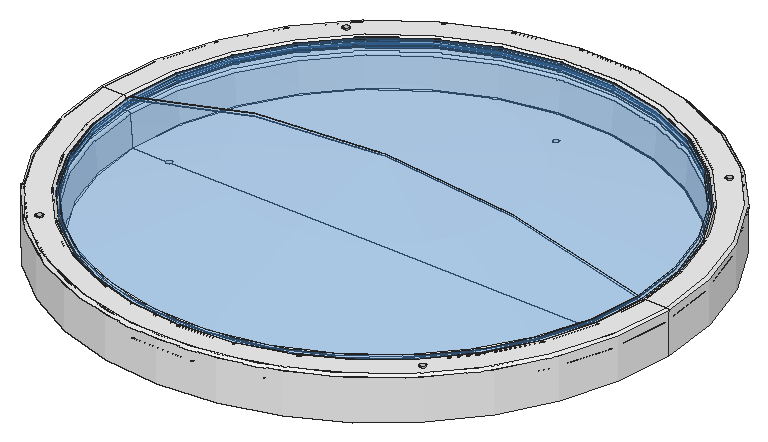
Revit family "BE_24231_de_DE", category Leuchten, Revit 2015
Parameters (values of type "BEGA_24231_Weiß_K4")
  built-in parameter 1150104 = 13.629 (stored number, unit not read)
  Wattage = 117.6 W
  Default Elevation = 0 mm
  built-in parameter 1150113 = 1 (stored number, unit not read)
  built-in parameter 1114218 = 1 (stored number, unit not read)
  Umgebungstemperatur = "25 °C"
  URL = "http://www.bega.de/produkt/24231"
  Typenkommentare = "© 2017 BEGA. Wir behalten uns das Recht vor, technische Änderungen ohne vorherige Ankündigung vorzunehmen."  # constant formula
  Type Image = 24231.png
  built-in parameter 1150134 = 12
  built-in parameter 1150109 = 1 (stored number, unit not read)
  Strom = ""
  built-in parameter 1150110 = 1 (stored number, unit not read)
  Spannung = 239.996 V
  Sonderanfertigung = no
  Seriennummer [instance] = "Hier können Sie die eindeutige Seriennummer für das Facility Management eintragen."
  Schutzklasse = "I"
  Schutzart = "IP 65"
  Scheinlast = 0 VA
  Produktdatenblatt = "http://www.bega.de/download/Xrfa/db/24231.db.de.pdf"
  Oberflächentemperatur = ""
  Neigungswinkel = 0.00°
  Modell = "24231WK4"
  Material_17 = BEGA_Reflektor
  Material_15 = BEGA_Leuchtmedium_matt
  Material_13 = BEGA_Kunststoff_matt
  Material_11 = BEGA_Glas_opal
  Material_09 = BEGA_Glas_klar
  Material_06 = BEGA_Oberfläche_Edelstahl_gebürstet
  Material_03 = BEGA_Oberfläche_Weiss_matt
  Material_02 = BEGA_Oberfläche_Silber_matt
  Material_01 [instance] = BEGA_Oberfläche_Grafit_matt
  M_W = yes
  M_G = no
  M_A = no
  Logo = 0
  built-in parameter 1114217 = 1 (stored number, unit not read)
  built-in parameter 1150139 = (empty or 0)
  built-in parameter 1150105 = 5863.4 (stored number, unit not read)
  built-in parameter 1150114 = 1 (stored number, unit not read)
  Lumens = 17251.9 lm
  built-in parameter 1150115 = 1 (stored number, unit not read)
  Leuchtenlichtstrom = "13100 lm"
  Leuchtenanzahl = ""
  Lebensdauerkriterien = "L70B50 @ 25 °C = 302000 h"
  Lastklassifizierung = Beleuchtung
  built-in parameter 1150112 = 1 (stored number, unit not read)
  Lampenlichtstrom = "17250 lm"
  Lampe = "LED 117.6 W"
  LED_Modulbezeichnung = "4x LED-0566/840 + 6x LED-0567/840             + 2x LED-0568/840"
  built-in parameter 1150142 = (empty or 0)
  Hersteller = "BEGA"  # constant formula
  Halbstreuwinkel = ""
  Gewicht = ""
  Gebrauchslageneinschränkung [instance] = ""
  Frequenz = "0/50-60 Hz"
  Farbwiedergabeindex = "Ra > 80"
  Farbtemperaturverschiebung bei Dämpfen der Lampe = <Keine Auswahl>
  Farbtemperatur = "4000 K"
  Color Filter = 16777215
  built-in parameter 1150133 = 10 (stored number, unit not read)
  Energieeffizienzklasse = "LED A++ - A"
  built-in parameter 1150137 = (empty or 0)
  built-in parameter 1150132 = (empty or 0)
  ENEC = ""
  Dimmbar [instance] = "DALI"
  Datei für fotometrisches Netz = "BE_24231K4.IES"
  CE_Konformität = "ja"
  Bestellnummer = "24231WK4"
  Beschreibung_Sonderanfertigung = "Hier können Sie Informationen zur Sonderanfertigung eintragen."
  Beschreibung = "Großflächenleuchte"
  built-in parameter 1150106 = 58.634 (stored number, unit not read)
  Befestigungsbohrung = "Ø 9,2 mm"
  Befestigungsabstand = "700 x 700 mm"
  Ballwurfsicher = ""
  BEGA_Intern_aus = yes
  BEGA_Intern_an = yes
  BEGA_Intern_Konstruktion = yes
  BEGA_Intern = yes
  BEGA_IES = yes
  BEGA_Dummy = no
  Anschlussleitung = ""
  Anschlussleistung [instance] = "133 W"
  Anschlusskasten = ""
  built-in parameter 1150107 = 4000 (stored number, unit not read)
  built-in parameter 1150102 = (empty or 0)
  built-in parameter 1150138 = (empty or 0)
  Aktualisierung = "2017-07-13T04:09:10"
  Abstand_zur_angestrahlten_Fläche [instance] = ""
  AC/DC = "AC/DC"
Types (6, lengths in mm): name | built-in parameter 1150134 | Modell | M_W | M_G | M_A | LED_Modulbezeichnung | Farbtemperatur | Datei für fotometrisches Netz | Bestellnummer | built-in parameter 1150107
  BEGA_24231_Weiß_K3 | (empty or 0) | "24231W" | yes | no | no | "4x LED-0566/830 + 6x LED-0567/830            + 2x LED-0568/830" | "3000 K" | "BE_24231.IES" | "24231W" | 3000 (stored number, unit not read)
  BEGA_24231_Grafit_K4 | 12 | "24231K4" | no | yes | no | "4x LED-0566/840 + 6x LED-0567/840             + 2x LED-0568/840" | "4000 K" | "BE_24231K4.IES" | "24231K4" | 4000 (stored number, unit not read)
  BEGA_24231_Silber_K4 | 12 | "24231AK4" | no | no | yes | "4x LED-0566/840 + 6x LED-0567/840             + 2x LED-0568/840" | "4000 K" | "BE_24231K4.IES" | "24231AK4" | 4000 (stored number, unit not read)
  BEGA_24231_Silber_K3 | (empty or 0) | "24231A" | no | no | yes | "4x LED-0566/830 + 6x LED-0567/830            + 2x LED-0568/830" | "3000 K" | "BE_24231.IES" | "24231A" | 3000 (stored number, unit not read)
  BEGA_24231_Weiß_K4 | 12 | "24231WK4" | yes | no | no | "4x LED-0566/840 + 6x LED-0567/840             + 2x LED-0568/840" | "4000 K" | "BE_24231K4.IES" | "24231WK4" | 4000 (stored number, unit not read)
  BEGA_24231_Grafit_K3 | (empty or 0) | "24231" | no | yes | no | "4x LED-0566/830 + 6x LED-0567/830            + 2x LED-0568/830" | "3000 K" | "BE_24231.IES" | "24231" | 3000 (stored number, unit not read)
Reference planes
  plane 1 "Mitte (Vorne/Hinten)": y = 0
  plane 2: z = 0
  plane 3 "Mitte (Links/Rechts)": x = 0
  plane 4 "Links": x = -464
  plane 5 "Rechts": x = 464
  plane 6 "Unten": y = -464
  plane 7 "Oben": y = 464
  plane 8 "Vorne": z = 142.441
  plane 9 "Hinten": z = 0
Forms (mm)
  Extrusion 1, solid, material "BEGA_Platte_Weiss"
    sketch origin (0, -1119.2, 0) x (1, 0, 0) y (0, 1, 0)
      loop
        line (-200, 1319.2) -> (-200, 919.2) -> (200, 919.2) -> (200, 1319.2) -> (-200, 1319.2)
    from 0 to -10
  Extrusion 2, solid, material "BEGA_Dummy_matt", visible <- "BEGA_Dummy"
    sketch origin (77.149, -76.023, 0) x (1, 0, 0) y (0, 1, 0)
      loop
        circle (-77.149, 76.023) r 464
    from 0 to 142.441
Dimensions and locks
  plane 1 "Mitte (Vorne/Hinten)" to Extrusion 1 = 200 mm
  aligned and locked: plane 2 to Extrusion 1
  aligned and locked: level to Extrusion 1
Nested families
  nested 1: "BE_24231" at (0, 0, 0), type "BE_24231"
Connectors
  electrical at (0, 0, 0), driven by "Lastklassifizierung", driven by "Spannung", driven by "Scheinlast"
    settings: index 1, voltage 239.996 V, apparent load 0 VA, apparent load phase1 0 VA, apparent load phase2 0 VA, apparent load phase3 0 VA, power factor 1, load classification "Beleuchtung", number of poles 1, system type 31, power factor state 1, is connector primary yes, connector utility no, sub classification motor no, connector description ""
Definition of nested family "BE_24231"
  Parameters (values of type "BE_24231")
    Default Elevation = 1 mm
    URL = "http://www.bega.de/de/produkt"
    Type Comments = "© 2015 BEGA. Wir behalten uns das Recht vor, technische Änderungen ohne vorherige Ankündigung vorzunehmen. "  # constant formula
    Type Image = (empty or 0)
    Neigungswinkel_um_Z2 = 0.00°
    Neigungswinkel_um_Z1 = 0.00°
    Neigungswinkel_um_Y2 = 0.00°
    Neigungswinkel_um_Y1 = 0.00°
    Neigungswinkel_um_X2 = 0.00°
    Neigungswinkel_um_X1 = 0.00°
    Material_17 = none
    Material_15 = none
    Material_13 = none
    Material_11 = none
    Material_09 = none
    Material_06 = none
    Material_03 = none
    Material_02 = none
    Material_01 = none
    M_W = yes
    M_G = yes
    M_A = yes
    Länge_Platte = 1000 mm  # constant formula
    Höhe_Platte = -10 mm  # constant formula
    Manufacturer = "BEGA"  # constant formula
    Drehwinkel_um_Z2 = 0.00°
    Drehwinkel_um_Z1 = 0.00°
    Breite_Platte = 1000 mm  # constant formula
  Reference planes
    plane 1 "Mitte (Oben/Unten)": y = 0
    plane 2: z = 0
    plane 3 "Mitte (Links/Rechts)": x = 0
    plane 4: x = -464
    plane 5: z = 142.441
    plane 6: x = 464
    plane 7: y = -464
    plane 8: y = 464
  Forms (mm)
    Extrusion 1, solid, detail levels medium
      sketch origin (0, 0, 0) x (1, 0, 0) y (0, 1, 0)
        loop
          line (-500, 500) -> (-500, -500) -> (500, -500) -> (500, 500) -> (-500, 500)
      from 0 to -10 <- "Höhe_Platte"
    Revolve 2, solid, material <- "Material_01", visible <- "M_G", detail levels medium+fine
      sketch origin (0, 0, 0) x (1, 0, 0) y (0, 0, 1)
        loop
          arc (-458.751, 58.996) -> (-457.283, 55.461) -> (-453.747, 54) r 5
          line (-453.747, 54) -> (-418.915, 54)
          arc (-418.915, 54) -> (-418.256, 53.752) -> (-417.924, 53.131) r 1
          line (-417.924, 53.131) -> (-413.858, 6.651)
          arc (-413.858, 6.651) -> (-412.578, 4.054) -> (-409.881, 3) r 4
          line (-409.881, 3) -> (0, 3) -> (0, 6) -> (-409.875, 6)
          arc (-409.875, 6) -> (-410.549, 6.263) -> (-410.869, 6.913) r 1
          line (-410.869, 6.913) -> (-414.932, 53.349)
          arc (-414.932, 53.349) -> (-416.211, 55.946) -> (-418.908, 57) r 4
          line (-418.908, 57) -> (-453.751, 57)
          arc (-453.751, 57) -> (-455.165, 57.586) -> (-455.751, 59) r 2
          line (-455.751, 59) -> (-455.751, 61)
          arc (-455.751, 61) -> (-456.044, 61.707) -> (-456.751, 62) r 1
          line (-456.751, 62) -> (-457.751, 62)
          arc (-457.751, 62) -> (-458.458, 61.707) -> (-458.751, 61) r 1
          line (-458.751, 61) -> (-458.751, 58.996)
        axis (0, 3) -> (0, 62)
      angle from 0 to 360
    Revolve 3, solid, material <- "Material_01", visible <- "M_G", detail levels medium+fine
      sketch origin (0, -350.067, 0) x (-1, 0, 0) y (0, 0, 1)
        loop
          arc (-21.172, 1.172) -> (-19.874, 0.304) -> (-18.343, 0) r 4
          line (-18.343, 0) -> (0, 0) -> (0, 3) -> (-24.657, 3)
          arc (-24.657, 3) -> (-23.134, 2.699) -> (-21.841, 1.841) r 4
          line (-21.841, 1.841) -> (-21.172, 1.172)
        axis (0, 3) -> (0, 0)
      angle from 0 to 360
    Extrusion 4, void
      sketch origin (0, -180.361, 0) x (-1, 0, 0) y (0, -1, 0)
        loop
          circle (0, 169.706) r 4.6
      from -0.618 to 9
    Revolve 5, solid, material <- "Material_01", visible <- "M_G", detail levels medium+fine
      sketch origin (0, 0, 0) x (1, 0, 0) y (0, 0, 1)
        loop
          line (-461, 9) -> (-461, 75)
          arc (-461, 75) -> (-460.707, 75.707) -> (-460, 76) r 1
          line (-460, 76) -> (-423.921, 75.988)
          arc (-423.921, 75.988) -> (-423.315, 75.651) -> (-423.074, 75) r 1
          line (-423.074, 75) -> (-423.074, 69.5) -> (-420, 69.5) -> (-420, 75) -> (-424, 79) -> (-460, 79) -> (-464, 75) -> (-464, 9) -> (-461, 9)
        axis (0, 9) -> (0, 79)
      angle from 0 to 360
    Revolve 6, solid, material <- "Material_13", detail levels medium+fine
      sketch origin (0, 0, 0) x (1, 0, 0) y (0, 0, 1)
        loop
          line (-419, 66.441) -> (-430.024, 66.441) -> (-430.024, 62.442) -> (-418.998, 62.442)
          arc (-418.998, 62.442) -> (-415.516, 63.853) -> (-414, 67.292) r 5
          line (-414, 67.292) -> (-414, 74.903)
          arc (-414, 74.903) -> (-413.805, 75.496) -> (-413.297, 75.858) r 1
          arc (-413.297, 75.858) -> (-209.004, 122.707) -> (0, 138.441) r 1395.992
          line (0, 138.441) -> (0, 142.441)
          arc (0, 142.441) -> (-209.603, 126.662) -> (-414.48, 79.68) r 1399.998
          arc (-414.48, 79.68) -> (-417.025, 77.866) -> (-418, 74.9) r 5
          line (-418, 74.9) -> (-418, 67.441)
          arc (-418, 67.441) -> (-418.293, 66.734) -> (-419, 66.441) r 1
        axis (0, 142.441) -> (0, 62.442)
      angle from 0 to 360
    Revolve 7, void
      sketch origin (0, 0, 27.13) x (1, 0, 0) y (0, 1, 0)
        loop
          line (395.264, -110.362) -> (394.151, -114.516) -> (432.099, -124.684) -> (433.212, -120.53) -> (395.264, -110.362)
        axis (395.264, -110.362) -> (433.212, -120.53)
      angle from 0 to 360
    Revolve 8, void
      sketch origin (-16.646, 23.773, 27.13) x (0.996195, 0.087156, 0) y (-0.087156, 0.996195, 0)
        loop
          line (386.442, -198.567) -> (384.625, -202.464) -> (420.231, -219.068) -> (422.048, -215.171) -> (386.442, -198.567)
        axis (386.442, -198.567) -> (422.048, -215.171)
      angle from 0 to 360
    Extrusion 9, void
      sketch origin (-89.803, 89.803, 0) x (1, 0, 0) y (0, 1, 0)
        loop
          circle (-222.739, 222.739) r 5.5
        loop
          circle (-222.739, -402.344) r 5.5
        loop
          circle (402.344, 222.739) r 5.5
        loop
          circle (402.344, -402.344) r 5.5
      from 76.289 to 83.761
    Extrusion 10, solid, material <- "Material_06", detail levels fine
      sketch origin (-89.803, 89.803, 0) x (1, 0, 0) y (0, 1, 0)
        loop
          circle (-222.739, 222.739) r 4.5
        loop
          circle (-222.739, -402.344) r 4.5
        loop
          circle (402.344, 222.739) r 4.5
        loop
          circle (402.344, -402.344) r 4.5
      from 76.289 to 80
    Revolve 11, solid, material <- "Material_01", visible <- "M_G", detail levels medium+fine
      sketch origin (-350.067, 0, 0) x (0, 1, 0) y (0, 0, 1)
        loop
          arc (-21.172, 1.172) -> (-19.874, 0.304) -> (-18.343, 0) r 4
          line (-18.343, 0) -> (0, 0) -> (0, 3) -> (-24.657, 3)
          arc (-24.657, 3) -> (-23.134, 2.699) -> (-21.841, 1.841) r 4
          line (-21.841, 1.841) -> (-21.172, 1.172)
        axis (0, 3) -> (0, 0)
      angle from 0 to 360
    Extrusion 12, void
      sketch origin (-180.361, 0, 0) x (0, 1, 0) y (-1, 0, 0)
        loop
          circle (0, 169.706) r 4.6
      from -0.618 to 9
    Revolve 13, solid, material <- "Material_01", visible <- "M_G", detail levels medium+fine
      sketch origin (350.067, 0, 0) x (0, -1, 0) y (0, 0, 1)
        loop
          arc (-21.172, 1.172) -> (-19.874, 0.304) -> (-18.343, 0) r 4
          line (-18.343, 0) -> (0, 0) -> (0, 3) -> (-24.657, 3)
          arc (-24.657, 3) -> (-23.134, 2.699) -> (-21.841, 1.841) r 4
          line (-21.841, 1.841) -> (-21.172, 1.172)
        axis (0, 3) -> (0, 0)
      angle from 0 to 360
    Extrusion 14, void
      sketch origin (180.361, 0, 0) x (0, -1, 0) y (1, 0, 0)
        loop
          circle (0, 169.706) r 4.6
      from -0.618 to 9
    Revolve 15, solid, material <- "Material_01", visible <- "M_G", detail levels medium+fine
      sketch origin (0, 350.067, 0) x (1, 0, 0) y (0, 0, 1)
        loop
          arc (-21.172, 1.172) -> (-19.874, 0.304) -> (-18.343, 0) r 4
          line (-18.343, 0) -> (0, 0) -> (0, 3) -> (-24.657, 3)
          arc (-24.657, 3) -> (-23.134, 2.699) -> (-21.841, 1.841) r 4
          line (-21.841, 1.841) -> (-21.172, 1.172)
        axis (0, 3) -> (0, 0)
      angle from 0 to 360
    Extrusion 16, void
      sketch origin (0, 180.361, 0) x (1, 0, 0) y (0, 1, 0)
        loop
          circle (0, 169.706) r 4.6
      from -0.618 to 9
    Revolve 17, solid, material <- "Material_02", visible <- "M_A", detail levels medium+fine
      sketch origin (0, 0, 0) x (1, 0, 0) y (0, 0, 1)
        loop
          arc (-458.751, 58.996) -> (-457.283, 55.461) -> (-453.747, 54) r 5
          line (-453.747, 54) -> (-418.915, 54)
          arc (-418.915, 54) -> (-418.256, 53.752) -> (-417.924, 53.131) r 1
          line (-417.924, 53.131) -> (-413.858, 6.651)
          arc (-413.858, 6.651) -> (-412.578, 4.054) -> (-409.881, 3) r 4
          line (-409.881, 3) -> (0, 3) -> (0, 6) -> (-409.875, 6)
          arc (-409.875, 6) -> (-410.549, 6.263) -> (-410.869, 6.913) r 1
          line (-410.869, 6.913) -> (-414.932, 53.349)
          arc (-414.932, 53.349) -> (-416.211, 55.946) -> (-418.908, 57) r 4
          line (-418.908, 57) -> (-453.751, 57)
          arc (-453.751, 57) -> (-455.165, 57.586) -> (-455.751, 59) r 2
          line (-455.751, 59) -> (-455.751, 61)
          arc (-455.751, 61) -> (-456.044, 61.707) -> (-456.751, 62) r 1
          line (-456.751, 62) -> (-457.751, 62)
          arc (-457.751, 62) -> (-458.458, 61.707) -> (-458.751, 61) r 1
          line (-458.751, 61) -> (-458.751, 58.996)
        axis (0, 3) -> (0, 62)
      angle from 0 to 360
    Revolve 18, solid, material <- "Material_02", visible <- "M_A", detail levels medium+fine
      sketch origin (0, -350.067, 0) x (-1, 0, 0) y (0, 0, 1)
        loop
          arc (-21.172, 1.172) -> (-19.874, 0.304) -> (-18.343, 0) r 4
          line (-18.343, 0) -> (0, 0) -> (0, 3) -> (-24.657, 3)
          arc (-24.657, 3) -> (-23.134, 2.699) -> (-21.841, 1.841) r 4
          line (-21.841, 1.841) -> (-21.172, 1.172)
        axis (0, 3) -> (0, 0)
      angle from 0 to 360
    Revolve 19, solid, material <- "Material_02", visible <- "M_A", detail levels medium+fine
      sketch origin (-350.067, 0, 0) x (0, 1, 0) y (0, 0, 1)
        loop
          arc (-21.172, 1.172) -> (-19.874, 0.304) -> (-18.343, 0) r 4
          line (-18.343, 0) -> (0, 0) -> (0, 3) -> (-24.657, 3)
          arc (-24.657, 3) -> (-23.134, 2.699) -> (-21.841, 1.841) r 4
          line (-21.841, 1.841) -> (-21.172, 1.172)
        axis (0, 3) -> (0, 0)
      angle from 0 to 360
    Revolve 20, solid, material <- "Material_02", visible <- "M_A", detail levels medium+fine
      sketch origin (350.067, 0, 0) x (0, -1, 0) y (0, 0, 1)
        loop
          arc (-21.172, 1.172) -> (-19.874, 0.304) -> (-18.343, 0) r 4
          line (-18.343, 0) -> (0, 0) -> (0, 3) -> (-24.657, 3)
          arc (-24.657, 3) -> (-23.134, 2.699) -> (-21.841, 1.841) r 4
          line (-21.841, 1.841) -> (-21.172, 1.172)
        axis (0, 3) -> (0, 0)
      angle from 0 to 360
    Revolve 21, solid, material <- "Material_02", visible <- "M_A", detail levels medium+fine
      sketch origin (0, 350.067, 0) x (1, 0, 0) y (0, 0, 1)
        loop
          arc (-21.172, 1.172) -> (-19.874, 0.304) -> (-18.343, 0) r 4
          line (-18.343, 0) -> (0, 0) -> (0, 3) -> (-24.657, 3)
          arc (-24.657, 3) -> (-23.134, 2.699) -> (-21.841, 1.841) r 4
          line (-21.841, 1.841) -> (-21.172, 1.172)
        axis (0, 3) -> (0, 0)
      angle from 0 to 360
    Revolve 22, solid, material <- "Material_03", visible <- "M_W", detail levels medium+fine
      sketch origin (0, 0, 0) x (1, 0, 0) y (0, 0, 1)
        loop
          arc (-458.751, 58.996) -> (-457.283, 55.461) -> (-453.747, 54) r 5
          line (-453.747, 54) -> (-418.915, 54)
          arc (-418.915, 54) -> (-418.256, 53.752) -> (-417.924, 53.131) r 1
          line (-417.924, 53.131) -> (-413.858, 6.651)
          arc (-413.858, 6.651) -> (-412.578, 4.054) -> (-409.881, 3) r 4
          line (-409.881, 3) -> (0, 3) -> (0, 6) -> (-409.875, 6)
          arc (-409.875, 6) -> (-410.549, 6.263) -> (-410.869, 6.913) r 1
          line (-410.869, 6.913) -> (-414.932, 53.349)
          arc (-414.932, 53.349) -> (-416.211, 55.946) -> (-418.908, 57) r 4
          line (-418.908, 57) -> (-453.751, 57)
          arc (-453.751, 57) -> (-455.165, 57.586) -> (-455.751, 59) r 2
          line (-455.751, 59) -> (-455.751, 61)
          arc (-455.751, 61) -> (-456.044, 61.707) -> (-456.751, 62) r 1
          line (-456.751, 62) -> (-457.751, 62)
          arc (-457.751, 62) -> (-458.458, 61.707) -> (-458.751, 61) r 1
          line (-458.751, 61) -> (-458.751, 58.996)
        axis (0, 3) -> (0, 62)
      angle from 0 to 360
    Revolve 23, solid, material <- "Material_03", visible <- "M_W", detail levels medium+fine
      sketch origin (0, -350.067, 0) x (-1, 0, 0) y (0, 0, 1)
        loop
          arc (-21.172, 1.172) -> (-19.874, 0.304) -> (-18.343, 0) r 4
          line (-18.343, 0) -> (0, 0) -> (0, 3) -> (-24.657, 3)
          arc (-24.657, 3) -> (-23.134, 2.699) -> (-21.841, 1.841) r 4
          line (-21.841, 1.841) -> (-21.172, 1.172)
        axis (0, 3) -> (0, 0)
      angle from 0 to 360
    Revolve 24, solid, material <- "Material_03", visible <- "M_W", detail levels medium+fine
      sketch origin (-350.067, 0, 0) x (0, 1, 0) y (0, 0, 1)
        loop
          arc (-21.172, 1.172) -> (-19.874, 0.304) -> (-18.343, 0) r 4
          line (-18.343, 0) -> (0, 0) -> (0, 3) -> (-24.657, 3)
          arc (-24.657, 3) -> (-23.134, 2.699) -> (-21.841, 1.841) r 4
          line (-21.841, 1.841) -> (-21.172, 1.172)
        axis (0, 3) -> (0, 0)
      angle from 0 to 360
    Revolve 25, solid, material <- "Material_03", visible <- "M_W", detail levels medium+fine
      sketch origin (350.067, 0, 0) x (0, -1, 0) y (0, 0, 1)
        loop
          arc (-21.172, 1.172) -> (-19.874, 0.304) -> (-18.343, 0) r 4
          line (-18.343, 0) -> (0, 0) -> (0, 3) -> (-24.657, 3)
          arc (-24.657, 3) -> (-23.134, 2.699) -> (-21.841, 1.841) r 4
          line (-21.841, 1.841) -> (-21.172, 1.172)
        axis (0, 3) -> (0, 0)
      angle from 0 to 360
    Revolve 26, solid, material <- "Material_03", visible <- "M_W", detail levels medium+fine
      sketch origin (0, 350.067, 0) x (1, 0, 0) y (0, 0, 1)
        loop
          arc (-21.172, 1.172) -> (-19.874, 0.304) -> (-18.343, 0) r 4
          line (-18.343, 0) -> (0, 0) -> (0, 3) -> (-24.657, 3)
          arc (-24.657, 3) -> (-23.134, 2.699) -> (-21.841, 1.841) r 4
          line (-21.841, 1.841) -> (-21.172, 1.172)
        axis (0, 3) -> (0, 0)
      angle from 0 to 360
    Revolve 27, solid, material <- "Material_02", visible <- "M_A", detail levels medium+fine
      sketch origin (0, 0, 0) x (1, 0, 0) y (0, 0, 1)
        loop
          line (-461, 9) -> (-461, 75)
          arc (-461, 75) -> (-460.707, 75.707) -> (-460, 76) r 1
          line (-460, 76) -> (-423.921, 75.988)
          arc (-423.921, 75.988) -> (-423.315, 75.651) -> (-423.074, 75) r 1
          line (-423.074, 75) -> (-423.074, 69.5) -> (-420, 69.5) -> (-420, 75) -> (-424, 79) -> (-460, 79) -> (-464, 75) -> (-464, 9) -> (-461, 9)
        axis (0, 9) -> (0, 79)
      angle from 0 to 360
    Revolve 28, solid, material <- "Material_03", visible <- "M_W", detail levels medium+fine
      sketch origin (0, 0, 0) x (1, 0, 0) y (0, 0, 1)
        loop
          line (-461, 9) -> (-461, 75)
          arc (-461, 75) -> (-460.707, 75.707) -> (-460, 76) r 1
          line (-460, 76) -> (-423.921, 75.988)
          arc (-423.921, 75.988) -> (-423.315, 75.651) -> (-423.074, 75) r 1
          line (-423.074, 75) -> (-423.074, 69.5) -> (-420, 69.5) -> (-420, 75) -> (-424, 79) -> (-460, 79) -> (-464, 75) -> (-464, 9) -> (-461, 9)
        axis (0, 9) -> (0, 79)
      angle from 0 to 360
  Cuts and joins
    Extrusion 4, Revolve 7, Revolve 8, Extrusion 9, Extrusion 12, Extrusion 14, Extrusion 16 cuts Revolve 2
    Extrusion 4, Revolve 7, Revolve 8, Extrusion 9, Extrusion 12, Extrusion 14, Extrusion 16 cuts Revolve 3
    Extrusion 12 cuts Revolve 11
    Extrusion 14 cuts Revolve 13
    Extrusion 16 cuts Revolve 15
    joined: Revolve 2, Revolve 3, Revolve 11, Revolve 13, Revolve 15
    Extrusion 9 cuts Revolve 5
    Extrusion 4, Revolve 7, Revolve 8, Extrusion 12, Extrusion 14, Extrusion 16 cuts Revolve 17
    Extrusion 4 cuts Revolve 18
    Extrusion 12 cuts Revolve 19
    Extrusion 14 cuts Revolve 20
    Extrusion 16 cuts Revolve 21
    joined: Revolve 17, Revolve 18, Revolve 19, Revolve 20, Revolve 21
    Extrusion 4, Revolve 7, Revolve 8, Extrusion 12, Extrusion 14, Extrusion 16 cuts Revolve 22
    Extrusion 4 cuts Revolve 23
    Extrusion 12 cuts Revolve 24
    Extrusion 14 cuts Revolve 25
    Extrusion 16 cuts Revolve 26
    joined: Revolve 22, Revolve 23, Revolve 24, Revolve 25, Revolve 26
    Extrusion 9 cuts Revolve 27
    Extrusion 9 cuts Revolve 28
  Dimensions and locks
    equal spacing: Extrusion 1 sketch curve, plane 3 "Mitte (Links/Rechts)", Extrusion 1 sketch curve
    equal spacing: Extrusion 1 sketch curve, plane 1 "Mitte (Oben/Unten)", Extrusion 1 sketch curve
    "Länge_Platte": Extrusion 1 sketch curve to Extrusion 1 sketch curve
    "Breite_Platte": Extrusion 1 sketch curve to Extrusion 1 sketch curve
    aligned and locked: Extrusion 1 to plane 2
    aligned and locked: level to Extrusion 1
  Automatic sketch dimensions
    Revolve 2 sketch curve to Revolve 2 sketch curve = 0 mm  (x17)
    Revolve 2 sketch curve to plane 3 "Mitte (Links/Rechts)" = 0 mm  (x2)
    level to Revolve 2 sketch curve = 7 mm
    Revolve 2 sketch curve to Revolve 2 sketch curve = 0.002 mm
    Revolve 2 sketch curve to Revolve 2 sketch curve = 0.006 mm
    Revolve 2 sketch curve to Revolve 2 sketch curve = 8.051 mm
    Revolve 2 sketch curve to Revolve 2 sketch curve = 0.984 mm
    Revolve 2 sketch curve to Revolve 2 sketch curve = 0.991 mm
    Revolve 2 sketch curve to Revolve 2 sketch curve = 0.001 mm
    Revolve 2 sketch curve to Revolve 2 sketch curve = 34.831 mm
    Revolve 2 sketch curve to Revolve 2 sketch curve = 0.004 mm
    Revolve 2 sketch curve to Revolve 2 sketch curve = 2 mm
    Revolve 2 sketch curve to Revolve 2 sketch curve = 1 mm  (x4)
    level to Revolve 2 sketch curve = 3 mm
    Revolve 2 sketch curve to Revolve 2 sketch curve = 46 mm
    Revolve 2 sketch curve to Revolve 2 sketch curve = 0.131 mm
    Revolve 2 sketch curve to Revolve 2 sketch curve = 3 mm
    Revolve 2 sketch curve to Revolve 2 sketch curve = 1.996 mm
    Revolve 2 sketch curve to Revolve 2 sketch curve = 2.004 mm
    Revolve 2 sketch curve to Revolve 2 sketch curve = 0.996 mm
    level to Revolve 2 sketch curve = 6.913 mm
    Revolve 2 sketch curve to Revolve 2 sketch curve = 2.989 mm
    level to Revolve 2 sketch curve = 6.651 mm
    Revolve 2 sketch curve to Revolve 2 sketch curve = 2.992 mm
    Revolve 3 sketch curve to Revolve 3 sketch curve = 2.816 mm
    Revolve 3 sketch curve to Revolve 3 sketch curve = 3.498 mm
    Revolve 3 sketch curve to Revolve 3 sketch curve = 18.343 mm
    Revolve 3 sketch curve to Revolve 3 sketch curve = 3 mm
    Revolve 3 sketch curve to Revolve 3 sketch curve = 4 mm
    Revolve 3 sketch curve to Revolve 3 sketch curve = 0 mm  (x4)
    Revolve 3 sketch curve to Revolve 3 sketch curve = 0.669 mm  (x2)
    Revolve 3 sketch curve to Revolve 3 sketch curve = 2 mm  (x2)
    Revolve 3 sketch curve to Revolve 3 sketch curve = 1 mm
    Revolve 11 sketch curve to Revolve 11 sketch curve = 2.816 mm
    Revolve 11 sketch curve to Revolve 11 sketch curve = 3.498 mm
    Revolve 11 sketch curve to Revolve 11 sketch curve = 18.343 mm
    Revolve 11 sketch curve to Revolve 11 sketch curve = 3 mm
    Revolve 11 sketch curve to Revolve 11 sketch curve = 4 mm
    Revolve 11 sketch curve to Revolve 11 sketch curve = 0 mm  (x4)
    Revolve 11 sketch curve to Revolve 11 sketch curve = 0.669 mm  (x2)
    Revolve 11 sketch curve to Revolve 11 sketch curve = 2 mm  (x2)
    Revolve 11 sketch curve to Revolve 11 sketch curve = 1 mm
    Revolve 13 sketch curve to Revolve 13 sketch curve = 2.816 mm
    Revolve 13 sketch curve to Revolve 13 sketch curve = 3.498 mm
    Revolve 13 sketch curve to Revolve 13 sketch curve = 18.343 mm
    Revolve 13 sketch curve to Revolve 13 sketch curve = 3 mm
    Revolve 13 sketch curve to Revolve 13 sketch curve = 4 mm
    Revolve 13 sketch curve to Revolve 13 sketch curve = 0 mm  (x4)
    Revolve 13 sketch curve to Revolve 13 sketch curve = 0.669 mm  (x2)
    Revolve 13 sketch curve to Revolve 13 sketch curve = 2 mm  (x2)
    Revolve 13 sketch curve to Revolve 13 sketch curve = 1 mm
    Revolve 15 sketch curve to Revolve 15 sketch curve = 2.816 mm
    Revolve 15 sketch curve to Revolve 15 sketch curve = 3.498 mm
    Revolve 15 sketch curve to Revolve 15 sketch curve = 18.343 mm
    Revolve 15 sketch curve to Revolve 15 sketch curve = 3 mm
    Revolve 15 sketch curve to Revolve 15 sketch curve = 4 mm
    Revolve 15 sketch curve to Revolve 15 sketch curve = 0 mm  (x4)
    Revolve 15 sketch curve to Revolve 15 sketch curve = 0.669 mm  (x2)
    Revolve 15 sketch curve to Revolve 15 sketch curve = 2 mm  (x2)
    Revolve 15 sketch curve to Revolve 15 sketch curve = 1 mm
    Revolve 3 sketch curve to level = 0 mm
    Revolve 3 sketch curve to plane 3 "Mitte (Links/Rechts)" = 0 mm
    Extrusion 4 sketch curve to plane 3 "Mitte (Links/Rechts)" = 0 mm
    Revolve 11 sketch curve to level = 0 mm
    Revolve 11 sketch curve to plane 1 "Mitte (Oben/Unten)" = 0 mm
    Extrusion 12 sketch curve to plane 1 "Mitte (Oben/Unten)" = 0 mm
    Revolve 13 sketch curve to level = 0 mm
    Revolve 13 sketch curve to plane 1 "Mitte (Oben/Unten)" = 0 mm
    plane 1 "Mitte (Oben/Unten)" to Extrusion 14 sketch curve = 0 mm
    Revolve 15 sketch curve to level = 0 mm
    Revolve 15 sketch curve to plane 3 "Mitte (Links/Rechts)" = 0 mm
    Extrusion 16 sketch curve to plane 3 "Mitte (Links/Rechts)" = 0 mm
    Revolve 5 sketch curve to plane 3 "Mitte (Links/Rechts)" = 0 mm
    Revolve 5 sketch curve to Revolve 5 sketch curve = 3.074 mm
    Revolve 5 sketch curve to Revolve 5 sketch curve = 3.921 mm
    Revolve 5 sketch curve to Revolve 5 sketch curve = 0.079 mm
    Revolve 5 sketch curve to Revolve 5 sketch curve = 0.153 mm
    Revolve 5 sketch curve to Revolve 5 sketch curve = 35.926 mm
    Revolve 5 sketch curve to Revolve 5 sketch curve = 0 mm  (x4)
    level to Revolve 5 sketch curve = 9 mm
    Revolve 5 sketch curve to Revolve 5 sketch curve = 1 mm
    Revolve 5 sketch curve to Revolve 5 sketch curve = 3 mm
    Revolve 5 sketch curve to Revolve 5 sketch curve = 9.5 mm
    Revolve 5 sketch curve to Revolve 5 sketch curve = 5.5 mm
    Revolve 5 sketch curve to Revolve 5 sketch curve = 4 mm  (x2)
    Revolve 5 sketch curve to Revolve 5 sketch curve = 0.988 mm
    level to Revolve 5 sketch curve = 29.5 mm
    Revolve 5 sketch curve to Revolve 5 sketch curve = 15 mm
    Revolve 5 sketch curve to Revolve 5 sketch curve = 0.012 mm  (x2)
    Revolve 6 sketch curve to plane 3 "Mitte (Links/Rechts)" = 0 mm  (x4)
    Revolve 6 sketch curve to Revolve 6 sketch curve = 0.001 mm
    Revolve 6 sketch curve to Revolve 6 sketch curve = 1 mm
    Revolve 6 sketch curve to Revolve 6 sketch curve = 4 mm  (x3)
    Revolve 6 sketch curve to Revolve 6 sketch curve = 0.998 mm
    Revolve 6 sketch curve to Revolve 6 sketch curve = 0.002 mm
    Revolve 6 sketch curve to Revolve 6 sketch curve = 11.027 mm
    Revolve 6 sketch curve to level = 1257.557 mm
    Revolve 6 sketch curve to Revolve 6 sketch curve = 0.006 mm
    Revolve 6 sketch curve to Revolve 6 sketch curve = 0.15 mm
    Revolve 6 sketch curve to Revolve 6 sketch curve = 7.458 mm
    Revolve 6 sketch curve to Revolve 6 sketch curve = 0.003 mm
    Revolve 6 sketch curve to Revolve 6 sketch curve = 1.184 mm
    Revolve 6 sketch curve to Revolve 6 sketch curve = 0 mm
    Revolve 6 sketch curve to level = 36.312 mm
    Revolve 6 sketch curve to Revolve 6 sketch curve = 4.613 mm
    Revolve 7 sketch curve to Revolve 7 sketch curve = 1.113 mm
    Revolve 7 sketch curve to Revolve 7 sketch curve = 37.948 mm
    plane 1 "Mitte (Oben/Unten)" to Revolve 7 sketch curve = 124.684 mm
    Revolve 7 sketch curve to Revolve 7 sketch curve = 4.153 mm
    Revolve 7 sketch curve to Revolve 7 sketch curve = 15.178 mm
    Revolve 7 sketch curve to Revolve 7 sketch curve = 0 mm  (x2)
    Revolve 7 sketch curve to Revolve 7 sketch curve = 4.067 mm
    plane 1 "Mitte (Oben/Unten)" to Revolve 8 sketch curve = 144.399 mm
    Revolve 8 sketch curve to Revolve 8 sketch curve = 1.817 mm
    Revolve 8 sketch curve to Revolve 8 sketch curve = 35.606 mm
    Revolve 8 sketch curve to Revolve 8 sketch curve = 12.706 mm
    Revolve 8 sketch curve to Revolve 8 sketch curve = 14.241 mm
    Revolve 8 sketch curve to Revolve 8 sketch curve = 0 mm  (x2)
    Revolve 8 sketch curve to Revolve 8 sketch curve = 6.641 mm
    Revolve 17 sketch curve to Revolve 17 sketch curve = 0 mm  (x17)
    Revolve 17 sketch curve to plane 3 "Mitte (Links/Rechts)" = 0 mm  (x2)
    level to Revolve 17 sketch curve = 7 mm
    Revolve 17 sketch curve to Revolve 17 sketch curve = 0.002 mm
    Revolve 17 sketch curve to Revolve 17 sketch curve = 0.006 mm
    Revolve 17 sketch curve to Revolve 17 sketch curve = 8.051 mm
    Revolve 17 sketch curve to Revolve 17 sketch curve = 0.984 mm
    Revolve 17 sketch curve to Revolve 17 sketch curve = 0.991 mm
    Revolve 17 sketch curve to Revolve 17 sketch curve = 0.001 mm
    Revolve 17 sketch curve to Revolve 17 sketch curve = 34.831 mm
    Revolve 17 sketch curve to Revolve 17 sketch curve = 0.004 mm
    Revolve 17 sketch curve to Revolve 17 sketch curve = 2 mm
    Revolve 17 sketch curve to Revolve 17 sketch curve = 1 mm  (x4)
    level to Revolve 17 sketch curve = 3 mm
    Revolve 17 sketch curve to Revolve 17 sketch curve = 46 mm
    Revolve 17 sketch curve to Revolve 17 sketch curve = 0.131 mm
    Revolve 17 sketch curve to Revolve 17 sketch curve = 3 mm
    Revolve 17 sketch curve to Revolve 17 sketch curve = 1.996 mm
    Revolve 17 sketch curve to Revolve 17 sketch curve = 2.004 mm
    Revolve 17 sketch curve to Revolve 17 sketch curve = 0.996 mm
    level to Revolve 17 sketch curve = 6.913 mm
    Revolve 17 sketch curve to Revolve 17 sketch curve = 2.989 mm
    level to Revolve 17 sketch curve = 6.651 mm
    Revolve 17 sketch curve to Revolve 17 sketch curve = 2.992 mm
    Revolve 18 sketch curve to level = 0 mm
    Revolve 18 sketch curve to plane 3 "Mitte (Links/Rechts)" = 0 mm  (x2)
    plane 3 "Mitte (Links/Rechts)" to Revolve 18 sketch curve = 18.343 mm
    level to Revolve 18 sketch curve = 1.841 mm
    Revolve 18 sketch curve to Revolve 18 sketch curve = 3.498 mm
    Revolve 18 sketch curve to level = 1 mm
    Revolve 18 sketch curve to Revolve 18 sketch curve = 2.816 mm
    Revolve 18 sketch curve to Revolve 18 sketch curve = 3 mm
    Revolve 18 sketch curve to Revolve 18 sketch curve = 4 mm
    Revolve 18 sketch curve to Revolve 18 sketch curve = 0.669 mm
    level to Revolve 18 sketch curve = 1.172 mm
    Revolve 18 sketch curve to Revolve 18 sketch curve = 0 mm  (x2)
    Revolve 18 sketch curve to level = 2 mm
    Revolve 18 sketch curve to Revolve 18 sketch curve = 2 mm
    Revolve 19 sketch curve to level = 0 mm
    Revolve 19 sketch curve to plane 1 "Mitte (Oben/Unten)" = 0 mm  (x2)
    plane 1 "Mitte (Oben/Unten)" to Revolve 19 sketch curve = 18.343 mm
    level to Revolve 19 sketch curve = 1.841 mm
    Revolve 19 sketch curve to Revolve 19 sketch curve = 3.498 mm
    Revolve 19 sketch curve to level = 1 mm
    Revolve 19 sketch curve to Revolve 19 sketch curve = 2.816 mm
    Revolve 19 sketch curve to Revolve 19 sketch curve = 3 mm
    Revolve 19 sketch curve to Revolve 19 sketch curve = 4 mm
    Revolve 19 sketch curve to Revolve 19 sketch curve = 0.669 mm
    level to Revolve 19 sketch curve = 1.172 mm
    Revolve 19 sketch curve to Revolve 19 sketch curve = 0 mm  (x2)
    Revolve 19 sketch curve to level = 2 mm
    Revolve 19 sketch curve to Revolve 19 sketch curve = 2 mm
    Revolve 20 sketch curve to level = 0 mm
    Revolve 20 sketch curve to plane 1 "Mitte (Oben/Unten)" = 0 mm  (x2)
    Revolve 20 sketch curve to Revolve 20 sketch curve = 18.343 mm
    level to Revolve 20 sketch curve = 1.841 mm
    Revolve 20 sketch curve to Revolve 20 sketch curve = 3.498 mm
    Revolve 20 sketch curve to level = 1 mm
    Revolve 20 sketch curve to Revolve 20 sketch curve = 2.816 mm
    Revolve 20 sketch curve to Revolve 20 sketch curve = 3 mm
    Revolve 20 sketch curve to Revolve 20 sketch curve = 4 mm
    Revolve 20 sketch curve to Revolve 20 sketch curve = 0.669 mm
    level to Revolve 20 sketch curve = 1.172 mm
    Revolve 20 sketch curve to Revolve 20 sketch curve = 0 mm  (x2)
    Revolve 20 sketch curve to level = 2 mm
    Revolve 20 sketch curve to Revolve 20 sketch curve = 2 mm
    Revolve 21 sketch curve to level = 0 mm
    Revolve 21 sketch curve to plane 3 "Mitte (Links/Rechts)" = 0 mm  (x2)
    Revolve 21 sketch curve to plane 3 "Mitte (Links/Rechts)" = 18.343 mm
    level to Revolve 21 sketch curve = 1.841 mm
    Revolve 21 sketch curve to Revolve 21 sketch curve = 3.498 mm
    Revolve 21 sketch curve to level = 1 mm
    Revolve 21 sketch curve to Revolve 21 sketch curve = 2.816 mm
    Revolve 21 sketch curve to Revolve 21 sketch curve = 3 mm
    Revolve 21 sketch curve to Revolve 21 sketch curve = 4 mm
    Revolve 21 sketch curve to Revolve 21 sketch curve = 0.669 mm
    level to Revolve 21 sketch curve = 1.172 mm
    Revolve 21 sketch curve to Revolve 21 sketch curve = 0 mm  (x2)
    Revolve 21 sketch curve to level = 2 mm
    Revolve 21 sketch curve to Revolve 21 sketch curve = 2 mm
    Revolve 22 sketch curve to Revolve 22 sketch curve = 0 mm  (x17)
    Revolve 22 sketch curve to plane 3 "Mitte (Links/Rechts)" = 0 mm  (x2)
    level to Revolve 22 sketch curve = 7 mm
    Revolve 22 sketch curve to Revolve 22 sketch curve = 0.002 mm
    Revolve 22 sketch curve to Revolve 22 sketch curve = 0.006 mm
    Revolve 22 sketch curve to Revolve 22 sketch curve = 8.051 mm
    Revolve 22 sketch curve to Revolve 22 sketch curve = 0.984 mm
    Revolve 22 sketch curve to Revolve 22 sketch curve = 0.991 mm
    Revolve 22 sketch curve to Revolve 22 sketch curve = 0.001 mm
    Revolve 22 sketch curve to Revolve 22 sketch curve = 34.831 mm
    Revolve 22 sketch curve to Revolve 22 sketch curve = 0.004 mm
    Revolve 22 sketch curve to Revolve 22 sketch curve = 2 mm
    Revolve 22 sketch curve to Revolve 22 sketch curve = 1 mm  (x4)
    level to Revolve 22 sketch curve = 3 mm
    Revolve 22 sketch curve to Revolve 22 sketch curve = 46 mm
    Revolve 22 sketch curve to Revolve 22 sketch curve = 0.131 mm
    Revolve 22 sketch curve to Revolve 22 sketch curve = 3 mm
    Revolve 22 sketch curve to Revolve 22 sketch curve = 1.996 mm
    Revolve 22 sketch curve to Revolve 22 sketch curve = 2.004 mm
    Revolve 22 sketch curve to Revolve 22 sketch curve = 0.996 mm
    level to Revolve 22 sketch curve = 6.913 mm
    Revolve 22 sketch curve to Revolve 22 sketch curve = 2.989 mm
    level to Revolve 22 sketch curve = 6.651 mm
    Revolve 22 sketch curve to Revolve 22 sketch curve = 2.992 mm
    Revolve 23 sketch curve to level = 0 mm
    Revolve 23 sketch curve to plane 3 "Mitte (Links/Rechts)" = 0 mm  (x2)
    plane 3 "Mitte (Links/Rechts)" to Revolve 23 sketch curve = 18.343 mm
    level to Revolve 23 sketch curve = 1.841 mm
    Revolve 23 sketch curve to Revolve 23 sketch curve = 3.498 mm
    Revolve 23 sketch curve to level = 1 mm
    Revolve 23 sketch curve to Revolve 23 sketch curve = 2.816 mm
    Revolve 23 sketch curve to Revolve 23 sketch curve = 3 mm
    Revolve 23 sketch curve to Revolve 23 sketch curve = 4 mm
    Revolve 23 sketch curve to Revolve 23 sketch curve = 0.669 mm
    level to Revolve 23 sketch curve = 1.172 mm
    Revolve 23 sketch curve to Revolve 23 sketch curve = 0 mm  (x2)
    Revolve 23 sketch curve to level = 2 mm
    Revolve 23 sketch curve to Revolve 23 sketch curve = 2 mm
    Revolve 24 sketch curve to level = 0 mm
    Revolve 24 sketch curve to plane 1 "Mitte (Oben/Unten)" = 0 mm  (x2)
    plane 1 "Mitte (Oben/Unten)" to Revolve 24 sketch curve = 18.343 mm
    level to Revolve 24 sketch curve = 1.841 mm
    Revolve 24 sketch curve to Revolve 24 sketch curve = 3.498 mm
    Revolve 24 sketch curve to level = 1 mm
    Revolve 24 sketch curve to Revolve 24 sketch curve = 2.816 mm
    Revolve 24 sketch curve to Revolve 24 sketch curve = 3 mm
    Revolve 24 sketch curve to Revolve 24 sketch curve = 4 mm
    Revolve 24 sketch curve to Revolve 24 sketch curve = 0.669 mm
    level to Revolve 24 sketch curve = 1.172 mm
    Revolve 24 sketch curve to Revolve 24 sketch curve = 0 mm  (x2)
    Revolve 24 sketch curve to level = 2 mm
    Revolve 24 sketch curve to Revolve 24 sketch curve = 2 mm
    Revolve 25 sketch curve to level = 0 mm
    Revolve 25 sketch curve to plane 1 "Mitte (Oben/Unten)" = 0 mm  (x2)
    Revolve 25 sketch curve to Revolve 25 sketch curve = 18.343 mm
    level to Revolve 25 sketch curve = 1.841 mm
    Revolve 25 sketch curve to Revolve 25 sketch curve = 3.498 mm
    Revolve 25 sketch curve to level = 1 mm
    Revolve 25 sketch curve to Revolve 25 sketch curve = 2.816 mm
    Revolve 25 sketch curve to Revolve 25 sketch curve = 3 mm
    Revolve 25 sketch curve to Revolve 25 sketch curve = 4 mm
    Revolve 25 sketch curve to Revolve 25 sketch curve = 0.669 mm
    level to Revolve 25 sketch curve = 1.172 mm
    Revolve 25 sketch curve to Revolve 25 sketch curve = 0 mm  (x2)
    Revolve 25 sketch curve to level = 2 mm
    Revolve 25 sketch curve to Revolve 25 sketch curve = 2 mm
    Revolve 26 sketch curve to level = 0 mm
    Revolve 26 sketch curve to plane 3 "Mitte (Links/Rechts)" = 0 mm  (x2)
    Revolve 26 sketch curve to plane 3 "Mitte (Links/Rechts)" = 18.343 mm
    level to Revolve 26 sketch curve = 1.841 mm
    Revolve 26 sketch curve to Revolve 26 sketch curve = 3.498 mm
    Revolve 26 sketch curve to level = 1 mm
    Revolve 26 sketch curve to Revolve 26 sketch curve = 2.816 mm
    Revolve 26 sketch curve to Revolve 26 sketch curve = 3 mm
    Revolve 26 sketch curve to Revolve 26 sketch curve = 4 mm
    Revolve 26 sketch curve to Revolve 26 sketch curve = 0.669 mm
    level to Revolve 26 sketch curve = 1.172 mm
    Revolve 26 sketch curve to Revolve 26 sketch curve = 0 mm  (x2)
    Revolve 26 sketch curve to level = 2 mm
    Revolve 26 sketch curve to Revolve 26 sketch curve = 2 mm
    Revolve 27 sketch curve to plane 3 "Mitte (Links/Rechts)" = 0 mm
    Revolve 27 sketch curve to Revolve 27 sketch curve = 3.074 mm
    Revolve 27 sketch curve to Revolve 27 sketch curve = 3.921 mm
    Revolve 27 sketch curve to Revolve 27 sketch curve = 0.079 mm
    Revolve 27 sketch curve to Revolve 27 sketch curve = 0.153 mm
    Revolve 27 sketch curve to Revolve 27 sketch curve = 35.926 mm
    Revolve 27 sketch curve to Revolve 27 sketch curve = 0 mm  (x4)
    level to Revolve 27 sketch curve = 9 mm
    Revolve 27 sketch curve to Revolve 27 sketch curve = 1 mm
    Revolve 27 sketch curve to Revolve 27 sketch curve = 3 mm
    Revolve 27 sketch curve to Revolve 27 sketch curve = 9.5 mm
    Revolve 27 sketch curve to Revolve 27 sketch curve = 5.5 mm
    Revolve 27 sketch curve to Revolve 27 sketch curve = 4 mm  (x2)
    Revolve 27 sketch curve to Revolve 27 sketch curve = 0.988 mm
    level to Revolve 27 sketch curve = 29.5 mm
    Revolve 27 sketch curve to Revolve 27 sketch curve = 15 mm
    Revolve 27 sketch curve to Revolve 27 sketch curve = 0.012 mm  (x2)
    Revolve 28 sketch curve to plane 3 "Mitte (Links/Rechts)" = 0 mm
    Revolve 28 sketch curve to Revolve 28 sketch curve = 3.074 mm
    Revolve 28 sketch curve to Revolve 28 sketch curve = 3.921 mm
    Revolve 28 sketch curve to Revolve 28 sketch curve = 0.079 mm
    Revolve 28 sketch curve to Revolve 28 sketch curve = 0.153 mm
    Revolve 28 sketch curve to Revolve 28 sketch curve = 35.926 mm
    Revolve 28 sketch curve to Revolve 28 sketch curve = 0 mm  (x4)
    level to Revolve 28 sketch curve = 9 mm
    Revolve 28 sketch curve to Revolve 28 sketch curve = 1 mm
    Revolve 28 sketch curve to Revolve 28 sketch curve = 3 mm
    Revolve 28 sketch curve to Revolve 28 sketch curve = 9.5 mm
    Revolve 28 sketch curve to Revolve 28 sketch curve = 5.5 mm
    Revolve 28 sketch curve to Revolve 28 sketch curve = 4 mm  (x2)
    Revolve 28 sketch curve to Revolve 28 sketch curve = 0.988 mm
    level to Revolve 28 sketch curve = 29.5 mm
    Revolve 28 sketch curve to Revolve 28 sketch curve = 15 mm
    Revolve 28 sketch curve to Revolve 28 sketch curve = 0.012 mm  (x2)
    Revolve 2 sketch curve to plane 3 "Mitte (Links/Rechts)" = 409.873 mm
    Revolve 6 sketch curve to plane 3 "Mitte (Links/Rechts)" = 413 mm
    Extrusion 9 sketch curve to plane 3 "Mitte (Links/Rechts)" = 312.541 mm  (x2)
    Extrusion 10 sketch curve to plane 3 "Mitte (Links/Rechts)" = 312.541 mm  (x2)
    Extrusion 12 sketch curve to plane 3 "Mitte (Links/Rechts)" = 350.067 mm
    Revolve 17 sketch curve to plane 3 "Mitte (Links/Rechts)" = 409.873 mm
    Revolve 22 sketch curve to plane 3 "Mitte (Links/Rechts)" = 409.873 mm
    Revolve 27 sketch curve to plane 3 "Mitte (Links/Rechts)" = 420 mm
    Revolve 28 sketch curve to plane 3 "Mitte (Links/Rechts)" = 420 mm
    level to Revolve 5 sketch curve = 69.5 mm
    level to Revolve 6 sketch curve = 62.442 mm
    level to Revolve 6 sketch curve = 138.441 mm
    level to Revolve 27 sketch curve = 69.5 mm
    level to Revolve 28 sketch curve = 69.5 mm
    plane 6 to Revolve 7 sketch curve = 69.849 mm
    plane 6 to Revolve 8 sketch curve = 79.839 mm
    plane 6 to Extrusion 9 sketch curve = 151.459 mm  (x2)
    plane 6 to Extrusion 10 sketch curve = 151.459 mm  (x2)
    plane 6 to Extrusion 14 sketch curve = 113.933 mm
    Revolve 5 sketch curve to plane 4 = 0 mm
    plane 7 to Extrusion 4 sketch curve = 113.933 mm
    plane 7 to Extrusion 9 sketch curve = 151.459 mm  (x2)
    plane 7 to Extrusion 10 sketch curve = 151.459 mm  (x2)
    plane 8 to Extrusion 9 sketch curve = 151.459 mm  (x2)
    plane 8 to Extrusion 10 sketch curve = 151.459 mm  (x2)
    plane 8 to Extrusion 16 sketch curve = 113.933 mm
    radius of Extrusion 4 sketch curve = 4.6 mm
    radius of Extrusion 12 sketch curve = 4.6 mm
    radius of Extrusion 14 sketch curve = 4.6 mm
    radius of Extrusion 16 sketch curve = 4.6 mm
    radius of Extrusion 9 sketch curve = 5.5 mm  (x4)
    radius of Extrusion 10 sketch curve = 4.5 mm  (x4)
